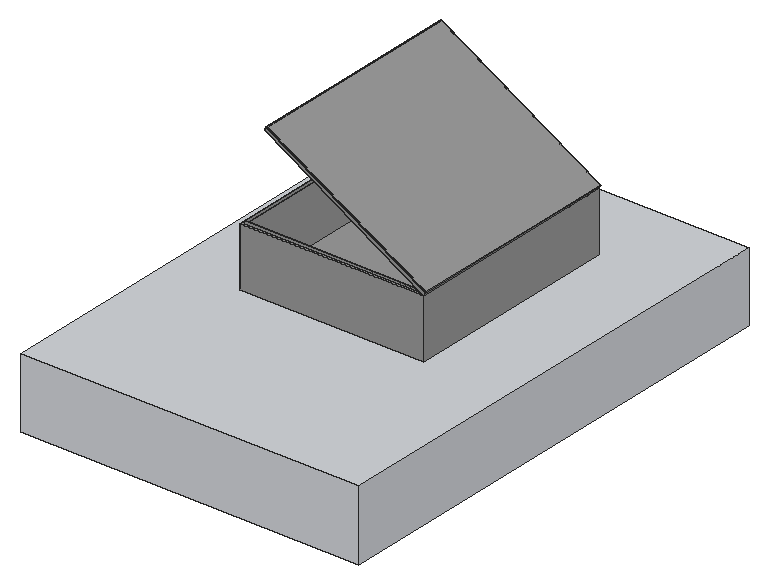
Revit family "Hager-Univers-IP55-D275-H950-Cl.I-Steel_encl-AT-de", category Equipement électrique, Revit 2020
Family settings
  Hôte = Face
  Configuration du panneau = Deux colonnes, circuits au sein
  Cote de connecteur circulaire = Utiliser le diamètre
  Type d'élément = Tableau de raccordement
  Couper avec des vides une fois chargée = Non
  Partagée = Non
  Point de calcul de pièce = Non
Parameters (values of type "Aufputz IP55 B800 H950 T275  - FR63E")
  Width Control [instance] = if([EF000008 - Breite] > Min Width, [EF000008 - Breite], Min Width)  # 800 mm
  Commentaires du type = [HG000003 - Bereich]  # "Univers"
  Thickness Door [instance] = if([EF009171 - Materialstärke Tür/Deckel] > 3 mm, 3 mm, [EF009171 - Materialstärke Tür/Deckel])  # 1.5 mm
  Seal Frame Offset [instance] = 17 mm  # constant formula
  Plinth Visibility [instance] = [HG000027 - Sockelhöhe] > 0 mm  # no
  Model = ""
  Min Width [instance] = 100 mm  # constant formula
  Min Height [instance] = 100 mm  # constant formula
  Min Depth [instance] = (2 * [EF009170 - Materialstärke Gehäuse]) + 1 mm  # 4 mm
  Internal Frame Depth [instance] = (Door System Depth * 0.5)  # 9 mm
  Height Control [instance] = if([EF000040 - Höhe] > Min Height, [EF000040 - Höhe], Min Height)  # 950 mm
  HG000027 - Sockelhöhe = 0 mm
  HG000026 - Stehend auf dem Boden = no
  HG000024 - Höhe des unteren Teils = 800 mm
  HG000023 - Gehäuse mit doppeltem Querschnitt = no
  HG000016 - 3D-Türsichtbarkeit [instance] = yes
  HG000015 - Sichtbarkeit der Türöffnung [instance] = no
  HG000014 - Tür rechts [instance] = yes
  HG000013 - Tür links [instance] = not([HG000014 - Tür rechts])  # no
  HG000012 - Türschwenkwinkel [instance] = 30.00°
  HG000010 - Asymmetrische Türen = no
  HG000009 - Doppelflügeligen Tür = no
  HG000006 - Unterputz = no
  HG000004 - Herstellerreferenz = "FR63E"
  HG000003 - Bereich = "Univers"
  HG000002 - Mit tür = yes
  Frame Offset Bottom [instance] = 10 mm  # constant formula
  Frame Offset [instance] = 15 mm  # constant formula
  EF015940 - Deckel mit Überdruckentlastung = no
  EF011959 - Schutzart (NEMA) = ""
  EF009554 - Anzahl der Öffnungen für Flanschplatten = 6
  Fabricant = "Hager"  # constant formula
  EF009212 - Ausführung Deckel = "EV000116 - geschlossen"
  EF009171 - Materialstärke Tür/Deckel = 1.5 mm
  EF009170 - Materialstärke Gehäuse = 1.5 mm
  EF008873 - Nennstrom (In) = 800 A
  EF007800 - Geeignet für Blitzschutz = no
  EF006306 - Mit Schloss = no
  EF006244 - Transparenter Deckel/Tür = no
  EF005474 - Schutzart (IP) = "EV006420 - IP55"
  EF004464 - Art der Tür = "EV002646 - Einzel"
  EF004427 - Anzahl der Module = 216
  EF004293 - Schlagfestigkeit = "EV008784 - IK10"
  EF003532 - Geeignet für Außengebrauch = no
  EF002950 - Breite in Teilungseinheiten = 24
  EF001613 - Funktionserhalt = "EV000494 - ohne"
  EF001596 - Werkstoff des Gehäuses = "EV000179 - Stahl"
  EF001131 - Innentiefe = 275 mm
  EF001088 - Anbaumöglichkeit = yes
  EF000437 - Anzahl der Leitungseinführungen = 6
  EF000339 - Art der Abdeckung = "EV004216 - Tür"
  EF000266 - Anzahl der Reihen = 6
  EF000218 - Einbautiefe = 0 mm
  EF000118 - Mit Montageplatte = no
  EF000116 - RAL-Nummer = "7035"
  EF000049 - Tiefe = 275 mm
  EF000040 - Höhe = 950 mm
  EF000008 - Breite = 800 mm
  EF000007 - Farbe = "EV000270 - grau"
  EF000003 - Montageart = "EV000384 - Aufputz"
  Door System Leaf Tolerance [instance] = 1.5 mm  # constant formula
  Door System Depth [instance] = 18 mm  # constant formula
  Door Height [instance] = Height Control - [HG000027 - Sockelhöhe]  # 950 mm
  Depth Control [instance] = if([EF000049 - Tiefe] > Min Depth, [EF000049 - Tiefe], Min Depth)  # 275 mm
  Default Elevation = 0 mm
  Connector Offset [instance] = Height Control / 2  # 475 mm
  Bottom Top Plate Trim [instance] = 1.5 mm  # constant formula
  Plinth height Ctrl [instance] = if([HG000027 - Sockelhöhe] > 0 mm, [HG000027 - Sockelhöhe], 12 mm)  # 12 mm
Types (5, lengths in mm): name | Width Control | HG000010 - Asymmetrische Türen | HG000009 - Doppelflügeligen Tür | HG000004 - Herstellerreferenz | EF009554 - Anzahl der Öffnungen für Flanschplatten | EF004464 - Art der Tür | EF004427 - Anzahl der Module | EF000437 - Anzahl der Leitungseinführungen | EF000008 - Breite
  Aufputz IP55 B1050 H950 T275  - FR64E | 1050 | no | yes | "FR64E" | 8 | "EV003602 - Doppel" | 288 | 8 | 1050
  Aufputz IP55 B1300 H950 T275  - FR65E | 1300 | yes | yes | "FR65E" | 10 | "EV003602 - Doppel" | 360 | 10 | 1300
  Aufputz IP55 B300 H950 T275  - FR61E | 300 | no | no | "FR61E" | 2 | "EV002646 - Einzel" | 72 | 2 | 300
  Aufputz IP55 B550 H950 T275  - FR62E | 550 | no | no | "FR62E" | 4 | "EV002646 - Einzel" | 144 | 4 | 550
  Aufputz IP55 B800 H950 T275  - FR63E | 800 | no | no | "FR63E" | 6 | "EV002646 - Einzel" | 216 | 6 | 800
Reference planes
  plane 1 "Center (Front/Back)": y = 0
  plane 2: z = 0
  plane 3 "Center (Left/Right)": x = 0
  plane 4: z = 275
  plane 5: y = 1.5
  plane 6: y = 475
  plane 7: y = 0
  plane 8: y = 950
  plane 9: z = 0
  plane 10: x = -385
  plane 11: x = 385
  plane 12: x = 383.5
  plane 13: x = -383.5
  plane 14: y = 948.5
  plane 15: x = -383
  plane 16: x = -400
  plane 17: x = 383
  plane 18: x = 400
  plane 19: x = 398.5
  plane 20: x = -398.5
  plane 21: y = 11.5
  plane 22: y = 950
  plane 23: y = 933.5
  plane 24: z = 257
  plane 25: z = 1.5
  plane 26: z = 255.5
  plane 27: z = 273.5
Forms (mm)
  Extrusion 1, solid
    sketch origin (0, 0, 0) x (1, 0, 0) y (0, 1, 0)
      loop
        line (-702.964, 1305) -> (-702.964, -811.445) -> (766.763, -811.445) -> (766.763, 1305) -> (-702.964, 1305)
    from 0 to -304.8
  Extrusion 2, solid, material "Hager_Steel_RAL7035_Light_Grey", visible <- "Plinth Visibility", detail levels medium+fine
    sketch origin (0, 0, 0) x (1, 0, 0) y (0, 1, 0)
      loop
        line (-400, 0) -> (400, 0) -> (400, 12) -> (-400, 12) -> (-400, 0)
    from 0 to 257
  Extrusion 3, solid, material "Hager_Steel_RAL7035_Light_Grey", detail levels medium+fine
    sketch origin (0, 0, 0) x (1, 0, 0) y (0, 1, 0)
      loop
        line (-400, 0) -> (400, 0) -> (400, 950) -> (-400, 950) -> (-400, 0)
    from 0 to 257
  Extrusion 4, void
    sketch origin (0, 0, 0) x (1, 0, 0) y (0, 1, 0)
      loop
        line (-398.5, 1.5) -> (398.5, 1.5) -> (398.5, 948.5) -> (-398.5, 948.5) -> (-398.5, 1.5)
    from 1.5 to 255.5
  Extrusion 5, void
    sketch origin (-381.607, -4572, 257) x (0, -1, 0) y (-1, 0, 0)
      loop
        line (-4583.5, 1.893) -> (-5505.5, 1.893) -> (-5505.5, -765.107) -> (-4583.5, -765.107) -> (-4583.5, 1.893)
    from 0 to 1.5 <- "EF009170 - Materialstärke Gehäuse"
  Extrusion 6, solid, material "Hager_Steel_RAL7035_Light_Grey", detail levels fine
    sketch origin (0, 0, 257) x (1, 0, 0) y (0, 1, 0)
      loop
        line (-383.5, 933.5) -> (-383.5, 11.5) -> (383.5, 11.5) -> (383.5, 933.5) -> (-383.5, 933.5)
      loop
        line (-385, 10) -> (385, 10) -> (385, 935) -> (-385, 935) -> (-385, 10)
    from 0 to 9 <- "Internal Frame Depth"
  Extrusion 7, solid, material "Hager_Steel_RAL7035_Light_Grey", detail levels coarse
    sketch origin (0, 0, 0) x (1, 0, 0) y (0, 1, 0)
      loop
        line (-400, 0) -> (400, 0) -> (400, 950) -> (-400, 950) -> (-400, 0)
    from 0 to 275
  Sweep 8, void
    path in 3D
      loop
        line (-400, 12, 0) -> (400, 12, 0) -> (400, 12, 257) -> (-400, 12, 257) -> (-400, 12, 0)
    profile origin (-400, 12, 128.5) x (-1, 0, 0) y (0, -1, 0)
      loop
        line (0, 0) -> (0, 1.5) -> (-1.5, 1.5)
        arc (-1.5, 1.5) -> (-1.061, 0.439) -> (0, 0) r 1.5
Cuts and joins
  Extrusion 4, Extrusion 5 cuts Extrusion 3
  Sweep 8 cuts Extrusion 2
Lines and regions (mm)
  Masking region 1
    outline origin (0, 0, 0) x (1, 0, 0) y (0, 0, 1)
      loop
        line (-400, 275) -> (-400, 0) -> (400, 0) -> (400, 275) -> (-400, 275)
  Masking region 2, detail levels medium+fine
    outline origin (0, 140, 0) x (0, 1, 0) y (0, 0, 1)
      loop
        line (-140, 0) -> (810, 0) -> (810, 257) -> (-140, 257) -> (-140, 0)
  Masking region 3, not visible, detail levels medium+fine
    outline origin (0, 297.922, 0) x (0, 1, 0) y (0, 0, 1)
      loop
        line (188.578, 0) -> (228.578, 0) -> (228.578, 263.5)
        arc (228.578, 263.5) -> (225.649, 270.571) -> (218.578, 273.5) r 10
        line (218.578, 273.5) -> (188.578, 273.5) -> (188.578, 0)
  Masking region 4, detail levels coarse
    outline origin (0, 0, 180) x (0, 1, 0) y (0, 0, 1)
      loop
        line (0, -180) -> (950, -180) -> (950, 95) -> (0, 95) -> (0, -180)
  Masking region 5, visible <- "Plinth Visibility", detail levels medium+fine
    outline origin (0, 52.24, 12.345) x (0, 0, -1) y (0, 1, 0)
      loop
        line (10.845, -40.24) -> (-243.155, -40.24)
        arc (-243.155, -40.24) -> (-243.594, -41.301) -> (-244.655, -41.74) r 1.5
        line (-244.655, -41.74) -> (-244.655, -52.24) -> (12.345, -52.24) -> (12.345, -41.74)
        arc (12.345, -41.74) -> (11.285, -41.301) -> (10.845, -40.24) r 1.5
  Masking region 6, detail levels medium+fine
    outline origin (-381.607, -4572, 257) x (-1, 0, 0) y (0, -1, 0)
      loop
        line (18.393, -5522) -> (18.393, -4572) -> (-781.607, -4572) -> (-781.607, -5522) -> (18.393, -5522)
  Masking region 7, visible <- "Plinth Visibility", detail levels medium+fine
    outline origin (-381.607, -4727, 257) x (-1, 0, 0) y (0, -1, 0)
      loop
        arc (16.893, -4739) -> (17.332, -4737.939) -> (18.393, -4737.5) r 1.5
        line (18.393, -4737.5) -> (18.393, -4727) -> (-781.607, -4727) -> (-781.607, -4737.5)
        arc (-781.607, -4737.5) -> (-780.546, -4737.939) -> (-780.107, -4739) r 1.5
        line (-780.107, -4739) -> (16.893, -4739)
  Masking region 8, detail levels coarse
    outline origin (-442.548, -4669.526, 257) x (-1, 0, 0) y (0, -1, 0)
      loop
        line (-42.548, -5619.526) -> (-42.548, -4669.526) -> (-842.548, -4669.526) -> (-842.548, -5619.526) -> (-42.548, -5619.526)
  sketch lines
    curve 1: line (-400, 12, 257) -> (-400, 12, 0)
    curve 2: line (400, 12, 257) -> (-400, 12, 257)
    curve 3: line (400, 12, 257) -> (400, 12, 0)
    curve 4: line (-400, 12, 0) -> (400, 12, 0)
Dimensions and locks
  "Depth Control": plane 4 to Extrusion 1
  "HG000027 - Sockelhöhe": plane 1 "Center (Front/Back)" to plane 7
  "EF009170 - Materialstärke Gehäuse": plane 5 to plane 7
  locked: connector elem to plane 3 "Center (Left/Right)"
  equal spacing: plane 8, plane 6, plane 7
  locked: connector elem to plane 6
  "EF009170 - Materialstärke Gehäuse": plane 8 to plane 14
  "EF009170 - Materialstärke Gehäuse": plane 10 to plane 13
  "EF009170 - Materialstärke Gehäuse": plane 12 to plane 11
  "Frame Offset": plane 20 to plane 13
  "Frame Offset": plane 12 to plane 19
  "EF009170 - Materialstärke Gehäuse": plane 16 to plane 20
  "EF009170 - Materialstärke Gehäuse": plane 19 to plane 18
  "Seal Frame Offset": plane 16 to plane 15
  "Seal Frame Offset": plane 17 to plane 18
  "Frame Offset Bottom": plane 21 to plane 5
  "Frame Offset": plane 14 to plane 23
  equal spacing: plane 16, plane 3 "Center (Left/Right)", plane 18
  "Width Control": plane 16 to plane 18
  "EF009170 - Materialstärke Gehäuse": plane 4 to plane 27
  "EF009170 - Materialstärke Gehäuse": plane 24 to plane 26
  "EF009170 - Materialstärke Gehäuse": plane 25 to level
  "Door System Depth": plane 4 to plane 24
  "Height Control": plane 1 "Center (Front/Back)" to Extrusion 7 sketch curve
  "Height Control": Masking region 4 sketch curve to plane 1 "Center (Front/Back)"
  "Height Control": plane 1 "Center (Front/Back)" to plane 22
  "Bottom Top Plate Trim": profile plane to Sweep 8 sketch curve
  "Bottom Top Plate Trim": Sweep 8 sketch curve to profile plane
  "Plinth height Ctrl": plane 1 "Center (Front/Back)" to Extrusion 2 sketch curve
  "Plinth height Ctrl": Masking region 5 sketch curve to plane 1 "Center (Front/Back)"
  "Plinth height Ctrl": plane 1 "Center (Front/Back)" to Masking region 7 sketch curve
  "Thickness Door": Extrusion 6 sketch curve to Extrusion 6 sketch curve  (x3)
  "Thickness Door": cut or joined group of Extrusion 3, Extrusion 4, Extrusion 5 to Extrusion 6 sketch curve
  radius of Masking region 3 sketch curve = 10 mm
  "Bottom Top Plate Trim": radius of Masking region 5 sketch curve  (x2)
  "Bottom Top Plate Trim": radius of Sweep 8 sketch curve
  "Bottom Top Plate Trim": radius of Masking region 7 sketch curve  (x2)
  aligned and locked: plane 2 to Extrusion 1
  aligned and locked: level to Extrusion 1
  aligned and locked: level to Masking region 1 sketch curve
  aligned and locked: Masking region 1 sketch curve to plane 18
  aligned and locked: Masking region 1 sketch curve to plane 16
  aligned and locked: plane 7 to Masking region 2 sketch curve
  aligned and locked: level to Masking region 3 sketch curve
  aligned and locked: Masking region 3 sketch curve to plane 27
  aligned and locked: level to Masking region 2 sketch curve
  aligned and locked: plane 1 "Center (Front/Back)" to Extrusion 2 sketch curve
  aligned and locked: Extrusion 3 sketch curve to plane 7
  aligned and locked: plane 16 to Extrusion 3 sketch curve
  aligned and locked: plane 18 to Extrusion 3 sketch curve
  aligned and locked: plane 20 to Extrusion 4 sketch curve
  aligned and locked: plane 19 to Extrusion 4 sketch curve
  aligned and locked: Extrusion 4 sketch curve to plane 5
  aligned and locked: Extrusion 4 to plane 25
  aligned and locked: plane 26 to Extrusion 4
  aligned and locked: plane 24 to Extrusion 3
  aligned and locked: Extrusion 5 sketch curve to plane 21
  aligned and locked: Extrusion 5 sketch curve to plane 13
  aligned and locked: Extrusion 5 sketch curve to plane 12
  aligned and locked: plane 18 to Extrusion 7 sketch curve
  aligned and locked: plane 1 "Center (Front/Back)" to Extrusion 7 sketch curve
  aligned and locked: plane 16 to Extrusion 7 sketch curve
  aligned and locked: plane 4 to Extrusion 7
  aligned and locked: Extrusion 7 to level
  aligned and locked: level to Masking region 4 sketch curve
  aligned and locked: Masking region 4 sketch curve to plane 1 "Center (Front/Back)"
  aligned and locked: Masking region 4 sketch curve to plane 4
  aligned and locked: nested 1 to level
  aligned and locked: nested 1 to plane 16
  aligned and locked: plane 8 to Extrusion 3 sketch curve
  aligned and locked: plane 23 to Extrusion 5 sketch curve
  aligned and locked: plane 14 to Extrusion 4 sketch curve
  aligned and locked: Masking region 2 sketch curve to plane 8
  aligned and locked: level to Masking region 5 sketch curve
  aligned and locked: plane 16 to Extrusion 2 sketch curve
  aligned and locked: plane 18 to Extrusion 2 sketch curve
  aligned and locked: Masking region 5 sketch curve to plane 24
  aligned and locked: Masking region 2 sketch curve to plane 24
  aligned and locked: plane 24 to Extrusion 2
  aligned and locked: profile plane to Sweep 8 sketch curve  (x2)
  aligned and locked: Masking region 6 sketch curve to plane 18
  aligned and locked: Masking region 6 sketch curve to plane 22
  aligned and locked: Masking region 6 sketch curve to plane 16
  aligned and locked: plane 8 to plane 22
  aligned and locked: Masking region 6 sketch curve to plane 7
  aligned and locked: Masking region 7 sketch curve to plane 16
  aligned and locked: Masking region 7 sketch curve to plane 1 "Center (Front/Back)"
  aligned and locked: Masking region 7 sketch curve to plane 18
  aligned and locked: Masking region 8 sketch curve to plane 1 "Center (Front/Back)"
  aligned and locked: Masking region 8 sketch curve to plane 18
  aligned and locked: Masking region 8 sketch curve to plane 22
  aligned and locked: Masking region 8 sketch curve to plane 16
  aligned and locked: nested 2 to plane 7
  aligned and locked: plane 3 "Center (Left/Right)" to nested 2
  aligned and locked: nested 2 to plane 24
  aligned and locked: Extrusion 6 sketch curve to cut or joined group of Extrusion 3, Extrusion 4, Extrusion 5  (x4)
Automatic sketch dimensions
  Extrusion 1 sketch curve to Extrusion 1 sketch curve = 1469.727 mm
  Extrusion 1 sketch curve to Extrusion 1 sketch curve = 2116.445 mm
  Masking region 1 sketch curve to plane 4 = 0 mm
  plane 6 to Masking region 3 sketch curve = 11.5 mm
  Masking region 3 sketch curve to Masking region 3 sketch curve = 30 mm
  Masking region 5 sketch curve to plane 1 "Center (Front/Back)" = 0 mm
Nested families
  nested 1: "Hager_Enclosure_Symbol" at (-400, 0, 0) x (1, 0, 0) z (0, -1, 0), Height <- "Depth Control", Width <- "Width Control", type "Hager_Enclosure_Symbol"
    with Width_Ctrl 800 mm, Width 800 mm, Height_Ctrl 275 mm, Height 275 mm, A_Width_Int 18.047 mm, A_Width 216.562 mm, A_Height_Ctrl 240.625 mm, A_Height 240.625 mm
  nested 2: "EC000058_Univers_Door" at (0, 0, 257) x (1, 0, 0) z (0, 1, 0), Leaf_Tolerance <- "Door System Leaf Tolerance", Angle <- "HG000012 - Türschwenkwinkel", Door_Depth <- "Door System Depth", Door_Left <- "HG000013 - Tür links", Transparent <- "EF006244 - Transparenter Deckel/Tür", Assymetrical <- "HG000010 - Asymmetrische Türen", Width <- "Width Control", Clearance <- "HG000015 - Sichtbarkeit der Türöffnung", Double <- "HG000009 - Doppelflügeligen Tür", 3d_Door <- "HG000016 - 3D-Türsichtbarkeit", Lock_Visibility <- "EF006306 - Mit Schloss", Width_Ctrl <- "Width Control", Door_Right <- "HG000014 - Tür rechts", Door <- "HG000002 - Mit tür", Height <- "Door Height", Thickness <- "Thickness Door", type "EC000058_Univers_Door", detail levels medium+fine
    with min_wh 4 mm, Width_Ctrl 800 mm, Width 800 mm, Transparent no, Thickness 1.5 mm, Seal_Material Hager_Rubber, Lock_Visibility no, Lock_Material Hager_Plastic_RAL9005_Jet_Black, Leaf_Width 800 mm, Leaf_Tolerance_External_Sides 0 mm, Leaf_Tolerance 1.5 mm, Leaf_Offset 0 mm, Leaf_Height 947 mm, Leaf_2_Width 800 mm, Leaf_2_Offset 400 mm, Leaf_1_Width 800 mm, Leaf_1_Offset 400 mm, Height_Ctrl 950 mm, Height 950 mm, Glass_Material Hager_Glass, Double_Clearance_Ctrl no, Double no, Door_Right_Ctrl yes, Door_Right yes, Door_Material Hager_Steel_RAL7035_Light_Grey, Door_Left_Ctrl no, Door_Left no, Door_Depth 18 mm, Door yes, Clearance_Material Hager_Clearance, Clearance_Depth 800 mm, Clearance_Ctrl no, Clearance no, Assymetrical no, Angle 30.00°, 3d_Door yes
Connectors
  electrical at (0, 475, 0)
    settings: on plane 9, index 1, voltage 0 V, apparent load 0 VA, apparent load phase1 0 VA, apparent load phase2 0 VA, apparent load phase3 0 VA, power factor 1, load classification "Other", number of poles 1, system type 30, power factor state 1, is connector primary yes, connector utility no, sub classification motor no, connector description ""
Definition of nested family "EC000058_Univers_Door"
  Parameters (values of type "EC000058_Univers_Door")
    min_wh [instance] = (2 * Thickness) + 1 mm  # 11 mm
    Width_Ctrl [instance] = 400 mm
    Width [instance] = 500 mm
    Transparent [instance] = yes
    Thickness [instance] = 5 mm
    Seal_Material [instance] = none
    Lock_Visibility [instance] = yes
    Lock_Material [instance] = none
    Leaf_Width [instance] = if((Width_Ctrl - 2 * Leaf_Tolerance_External_Sides) > 0 mm, (Width_Ctrl - 2 * Leaf_Tolerance_External_Sides), min_wh)  # 400 mm
    Leaf_Tolerance_External_Sides [instance] = 0 mm  # constant formula
    Leaf_Tolerance [instance] = 1.5 mm
    Leaf_Offset [instance] = 0 mm  # constant formula
    Leaf_Height [instance] = if((Height_Ctrl - 2 * Leaf_Tolerance) > 0 mm, (Height_Ctrl - 2 * Leaf_Tolerance), min_wh)  # 497 mm
    Leaf_2_Width [instance] = if(and(and(Double, Assymetrical), Door_Left), (Leaf_Width / 3) - (Leaf_Tolerance / 2), if(and(and(Double, Assymetrical), Door_Right), (Leaf_Width / 3) * 2 - (Leaf_Tolerance / 2), if(and(Double, not(Assymetrical)), (Leaf_Width / 2) - Leaf_Tolerance, Leaf_Width)))  # 400 mm
    Leaf_2_Offset [instance] = if(and(Double, Assymetrical), Leaf_2_Width / 2, if(and(Double, not(Assymetrical)), Leaf_Width / 4, Leaf_Width / 2))  # 200 mm
    Leaf_1_Width [instance] = if(and(and(Double, Assymetrical), Door_Right), (Leaf_Width / 3) - (Leaf_Tolerance / 2), if(and(and(Double, Assymetrical), Door_Left), (Width / 3) * 2 - (Leaf_Tolerance / 2), if(and(Double, not(Assymetrical)), (Leaf_Width / 2) - Leaf_Tolerance, Leaf_Width)))  # 400 mm
    Leaf_1_Offset [instance] = if(and(Double, Assymetrical), Leaf_1_Width / 2, if(and(Double, not(Assymetrical)), Leaf_Width / 4, Leaf_Width / 2))  # 200 mm
    Height_Ctrl [instance] = if(Height > min_wh, Height, min_wh)  # 500 mm
    Height [instance] = 500 mm
    Glass_Material [instance] = none
    Double_Clearance_Ctrl [instance] = and(Double, Clearance)  # no
    Double [instance] = no
    Door_Right_Ctrl [instance] = and(or(Door_Right, Double), Door)  # yes
    Door_Right [instance] = yes
    Door_Material [instance] = none
    Door_Left_Ctrl [instance] = and(or(Door_Left, Double), Door)  # no
    Door_Left [instance] = no
    Door_Depth [instance] = 30 mm
    Door [instance] = yes
    Default Elevation = 1219.2 mm
    Clearance_Material [instance] = none
    Clearance_Depth [instance] = if(Leaf_1_Width > Leaf_2_Width, Leaf_1_Width, Leaf_2_Width)  # 400 mm
    Clearance_Ctrl [instance] = and(not(Double), Clearance)  # yes
    Clearance [instance] = yes
    Assymetrical [instance] = yes
    Angle [instance] = 30.00°
    3d_Door [instance] = yes
  Reference planes
    plane 1 "Center (Front/Back)": y = 0
    plane 2 "Bottom": z = 0
    plane 3 "Center (Left/Right)": x = 0
    plane 4: z = 500
    plane 5: x = -200
    plane 6: x = 200
    plane 7: z = 500
    plane 8: x = -200
    plane 9: z = 0
    plane 10: x = 200
    plane 11: y = 0
    plane 12: z = 1.5
    plane 13: x = -600
    plane 14: y = -400
    plane 15: x = 600
    plane 16: x = 0
    plane 17: x = 0
    plane 18: x = -200
    plane 19: x = 200
    plane 20: z = 498.5
  Forms (mm)
    Extrusion 1, solid, material <- "Clearance_Material", visible <- "Double_Clearance_Ctrl"
      sketch origin (1200, 0, 0) x (1, 0, 0) y (0, 0, -1)
        loop
          line (-1800, -498.5) -> (-600, -498.5) -> (-600, 0) -> (-1800, 0) -> (-1800, -498.5)
      from 0 to -400
  Dimensions and locks
    equal spacing: plane 5, plane 3 "Center (Left/Right)", plane 6
    "Width_Ctrl": plane 5 to plane 6
    "Leaf_Offset": plane 5 to plane 8
    "Leaf_Offset": plane 6 to plane 10
    "Leaf_Offset": plane 9 to level
    "Leaf_Offset": plane 4 to plane 7
    "Height_Ctrl": plane 4 to level
    "Leaf_Tolerance": plane 12 to plane 9
    locked: plane 11 to plane 1 "Center (Front/Back)"
    "Leaf_1_Offset": plane 18 to plane 16
    "Leaf_2_Offset": plane 17 to plane 19
    "Leaf_1_Width": plane 13 to plane 8
    "Leaf_2_Width": plane 10 to plane 15
    "Clearance_Depth": plane 14 to plane 1 "Center (Front/Back)"
    "Leaf_Tolerance_External_Sides": plane 8 to plane 18
    "Leaf_Tolerance_External_Sides": plane 19 to plane 10
    "Leaf_Tolerance": plane 7 to plane 20
    aligned and locked: level to plane 2 "Bottom"
    aligned and locked: nested 1 to plane 16
    aligned and locked: nested 2 to plane 17
    aligned and locked: Extrusion 1 to plane 13
    aligned and locked: plane 15 to Extrusion 1
    aligned and locked: Extrusion 1 to plane 14
    aligned and locked: plane 12 to nested 1
    aligned and locked: nested 2 to plane 12
    aligned and locked: Extrusion 1 to plane 11
    aligned and locked: plane 20 to Extrusion 1
    aligned and locked: nested 2 to plane 11
    aligned and locked: nested 1 to plane 11
  Automatic sketch dimensions
    Extrusion 1 sketch curve to level = 0 mm
    plane 5 to Extrusion 1 sketch curve = 400 mm
    plane 6 to Extrusion 1 sketch curve = 400 mm
    Extrusion 1 sketch curve to plane 4 = 1.5 mm
  Nested families
    nested 1: "EC000058_Univers_Door_Leaf" at (0, 0, 1.5), Width <- "Leaf_1_Width", visible <- "Door_Left_Ctrl", Leaf_Height <- "Leaf_Height", Angle <- "Angle", 3d_Door <- "3d_Door", Transparent <- "Transparent", Clearance Material <- "Clearance_Material", Clearance <- "Clearance_Ctrl", Door_Material <- "Door_Material", Glass_Material <- "Glass_Material", Door_Depth <- "Door_Depth", Lock_Material <- "Lock_Material", Seal_Material <- "Seal_Material", Lock_Visibility <- "Lock_Visibility", Thickness <- "Thickness", type "EC000058_Univers_Door_Leaf"
      with Width 400 mm, Transparent_Glass_Offset 30 mm, Transparent_Ctrl yes, Transparent yes, Thickness 5 mm, Standard no, Seal_Material none, Seal_D2 8 mm, Seal_D1 1 mm, Offset_Internal_Frame 10 mm, Lock_Width 20 mm, Lock_Visibility_3d yes, Lock_Visibility yes, Lock_Thickness_3 3 mm, Lock_Thickness_2 1 mm, Lock_Thickness_1 3 mm, Lock_Radius_Offset_2 16 mm, Lock_Radius_Offset_1 15 mm, Lock_Radius_2 5 mm, Lock_Radius 6 mm, Lock_Offset 5 mm, Lock_Material none, Lock_Height 80 mm, Lock_Cover_Top_Offset_2d 17 mm, Lock_Cover_Height -65 mm, Leaf_Height 497 mm, Internal_Seal_Thickness 8 mm, Internal_Seal_Depth_2 4.5 mm, Internal_Frame_Depth 25 mm, Glass_Thickness -1 mm, Glass_Offset -2 mm, Glass_Material none, Door_Material none, Door_Depth 30 mm, Clearance Material none, Clearance yes, Angle_Ctrl 30.00°, Angle 30.00°, 3d_Door yes
    nested 2: "EC000058_Univers_Door_Leaf" at (0, 0, 1.5) x (-1, 0, 0) z (0, 0, 1), Width <- "Leaf_2_Width", visible <- "Door_Right_Ctrl", Leaf_Height <- "Leaf_Height", Angle <- "Angle", 3d_Door <- "3d_Door", Transparent <- "Transparent", Clearance Material <- "Clearance_Material", Clearance <- "Clearance_Ctrl", Door_Material <- "Door_Material", Glass_Material <- "Glass_Material", Door_Depth <- "Door_Depth", Lock_Material <- "Lock_Material", Seal_Material <- "Seal_Material", Lock_Visibility <- "Lock_Visibility", Thickness <- "Thickness", type "EC000058_Univers_Door_Leaf"
      with Width 400 mm, Transparent_Glass_Offset 30 mm, Transparent_Ctrl yes, Transparent yes, Thickness 5 mm, Standard no, Seal_Material none, Seal_D2 8 mm, Seal_D1 1 mm, Offset_Internal_Frame 10 mm, Lock_Width 20 mm, Lock_Visibility_3d yes, Lock_Visibility yes, Lock_Thickness_3 3 mm, Lock_Thickness_2 1 mm, Lock_Thickness_1 3 mm, Lock_Radius_Offset_2 16 mm, Lock_Radius_Offset_1 15 mm, Lock_Radius_2 5 mm, Lock_Radius 6 mm, Lock_Offset 5 mm, Lock_Material none, Lock_Height 80 mm, Lock_Cover_Top_Offset_2d 17 mm, Lock_Cover_Height -65 mm, Leaf_Height 497 mm, Internal_Seal_Thickness 8 mm, Internal_Seal_Depth_2 4.5 mm, Internal_Frame_Depth 25 mm, Glass_Thickness -1 mm, Glass_Offset -2 mm, Glass_Material none, Door_Material none, Door_Depth 30 mm, Clearance Material none, Clearance yes, Angle_Ctrl 30.00°, Angle 30.00°, 3d_Door yes
  Definition of nested family "EC000058_Univers_Door_Leaf"
    Parameters (values of type "EC000058_Univers_Door_Leaf")
      Width [instance] = 2000 mm
      Transparent_Glass_Offset [instance] = 30 mm
      Transparent_Ctrl [instance] = and(Transparent, [3d_Door])  # yes
      Transparent [instance] = yes
      Thickness [instance] = 5 mm
      Standard [instance] = and(not(Transparent), [3d_Door])  # no
      Seal_Material [instance] = none
      Seal_D2 [instance] = 8 mm  # constant formula
      Seal_D1 [instance] = 1 mm  # constant formula
      Offset_Internal_Frame [instance] = 10 mm  # constant formula
      Lock_Width [instance] = 20 mm  # constant formula
      Lock_Visibility_3d [instance] = and(Lock_Visibility, [3d_Door])  # yes
      Lock_Visibility [instance] = yes
      Lock_Thickness_3 [instance] = 3 mm  # constant formula
      Lock_Thickness_2 [instance] = 1 mm  # constant formula
      Lock_Thickness_1 [instance] = 3 mm  # constant formula
      Lock_Radius_Offset_2 [instance] = Lock_Radius_Offset_1 + 1 mm  # 16 mm
      Lock_Radius_Offset_1 [instance] = 15 mm  # constant formula
      Lock_Radius_2 [instance] = Lock_Radius - 1 mm  # 5 mm
      Lock_Radius [instance] = 6 mm  # constant formula
      Lock_Offset [instance] = 5 mm  # constant formula
      Lock_Material [instance] = none
      Lock_Height [instance] = 80 mm  # constant formula
      Lock_Cover_Top_Offset_2d [instance] = Lock_Radius_Offset_2 + 1 mm  # 17 mm
      Lock_Cover_Height [instance] = -(Lock_Height - Lock_Radius_Offset_1)  # -65 mm
      Leaf_Height [instance] = 2720.336 mm
      Internal_Seal_Thickness [instance] = 8 mm  # constant formula
      Internal_Seal_Depth_2 [instance] = 4.5 mm  # constant formula
      Internal_Frame_Depth [instance] = if(Door_Depth - Thickness > 5 mm, Door_Depth - Thickness, 5 mm)  # 25 mm
      Glass_Thickness [instance] = if(Thickness > 15 mm, Glass_Offset + 10 mm, -1 mm)  # -1 mm
      Glass_Offset [instance] = if(Thickness > 15 mm, -(Thickness + 10 mm) / 2, -2 mm)  # -2 mm
      Glass_Material [instance] = none
      Door_Material [instance] = none
      Door_Depth [instance] = 30 mm
      Default Elevation = 0 mm
      Clearance Material [instance] = none
      Clearance [instance] = yes
      Angle_Ctrl [instance] = if(Angle > 180.00°, 180.00°, Angle)  # 90.00°
      Angle [instance] = 90.00°
      3d_Door [instance] = yes
    Reference planes
      plane 1 "Center (Front/Back)": y = 0
      plane 2: z = 0
      plane 3 "Center (Left/Right)": x = 0
      plane 4: y = 2000
      plane 5: x = -1000
      plane 6: x = 1000
      plane 7: x = -3000
      plane 8: z = 2720.336
      plane 9: z = 30
      plane 10: z = 2690.336
      plane 11: x = 970
      plane 12: x = -970
      plane 13: y = -3
      plane 14: z = 107.833
      plane 15: y = -5
      plane 16: y = -223.314
      plane 17: x = -1000
      plane 18: z = 1360.168
      plane 19: y = 30
    Forms (mm)
      Extrusion 1, solid, material <- "Clearance Material", visible <- "Clearance"
        sketch origin (0, 0, 0) x (1, 0, 0) y (0, 0, 1)
          loop
            line (-3000, 2720.336) -> (-3000, 0) -> (1000, 0) -> (1000, 2720.336) -> (-3000, 2720.336)
        from 0 to -2000
      Extrusion 2, solid, material <- "Door_Material", visible <- "Standard", detail levels medium+fine
        sketch origin (-1000, 0, 0) x (0, 1, 0) y (-1, 0, 0)
          loop
            line (0, 30) -> (0, 25) -> (2000, 25) -> (2000, 30) -> (0, 30)
        from 0 to 2720.336 <- "Leaf_Height"
      Extrusion 3, solid, material <- "Door_Material", visible <- "Transparent_Ctrl", detail levels medium+fine
        sketch origin (-1000, 0, 0) x (0, 1, 0) y (-1, 0, 0)
          loop
            line (0, 25) -> (2000, 25) -> (2000, 30) -> (0, 30) -> (0, 25)
        from 0 to 2720.336 <- "Leaf_Height"
      Extrusion 4, void
        sketch origin (-1025, 2000, 0) x (0, 1, 0) y (0, 0, -1)
          loop
            line (-30, -2690.336) -> (-30, -30) -> (-1970, -30) -> (-1970, -2690.336) -> (-30, -2690.336)
        from 0 to 5 <- "Thickness"
      Sweep 5, solid, material <- "Seal_Material", visible <- "Transparent_Ctrl", detail levels fine
        path in 3D
          loop
            line (-1025, 30, 30) -> (-1025, 30, 2690.336) -> (-1025, 1970, 2690.336) -> (-1025, 1970, 30) -> (-1025, 30, 30)
        profile origin (-1025, 1000, 30) x (1, 0, 0) y (0, 0, 1)
          loop
            line (0, 0) -> (0, -8) -> (1, -8) -> (1, 0) -> (0, 0)
      Extrusion 6, solid, material <- "Glass_Material", visible <- "Transparent_Ctrl", detail levels medium+fine
        sketch origin (-1030, 0, 0) x (0, 1, 0) y (0, 0, -1)
          loop
            line (1970, -2690.336) -> (1970, -30) -> (30, -30) -> (30, -2690.336) -> (1970, -2690.336)
        from -2 <- "Glass_Offset" to -1 <- "Glass_Thickness"
      Extrusion 7, solid, material <- "Door_Material", visible <- "3d_Door", detail levels medium+fine
        sketch origin (-1025, 2000, 0) x (0, -1, 0) y (0, 0, -1)
          loop
            line (0, -2720.336) -> (2000, -2720.336) -> (2000, 0) -> (0, 0) -> (0, -2720.336)
          loop
            line (1995, -5) -> (5, -5) -> (5, -2715.336) -> (1995, -2715.336) -> (1995, -5)
        from 0 to 25 <- "Internal_Frame_Depth"
      Sweep 8, solid, material <- "Seal_Material", visible <- "Transparent_Ctrl", detail levels fine
        path in 3D
          loop
            line (-1025, 0, 0) -> (-1025, 2000, 0) -> (-1025, 2000, 2720.336) -> (-1025, 0, 2720.336) -> (-1025, 0, 0)
        profile origin (-1025, 0, 1360.168) x (1, 0, 0) y (0, 1, 0)
          loop
            line (0, 10) -> (2.975, 10)
            arc (2.975, 10) -> (4.053, 10.447) -> (4.5, 11.525) r 1.525
            line (4.5, 11.525) -> (4.5, 16.527)
            arc (4.5, 16.527) -> (4.069, 17.569) -> (3.027, 18) r 1.473
            line (3.027, 18) -> (0, 18) -> (0, 10)
      Extrusion 9, solid, material <- "Lock_Material", visible <- "Lock_Visibility_3d", detail levels fine
        sketch origin (-1030, 0, 0) x (0, 1, 0) y (0, 0, -1)
          loop
            arc (1993.5, -1400.168) -> (1994.561, -1399.729) -> (1995, -1398.668) r 1.5
            line (1995, -1398.668) -> (1995, -1320.168) -> (1975, -1320.168) -> (1975, -1398.668)
            arc (1975, -1398.668) -> (1975.439, -1399.729) -> (1976.5, -1400.168) r 1.5
            line (1976.5, -1400.168) -> (1993.5, -1400.168)
        from 3 <- "Lock_Thickness_1" to 0
      Blend 10, solid, material <- "Lock_Material", visible <- "Lock_Visibility_3d", detail levels fine
        base sketch origin (-1033, 0, 0) x (0, 1, 0) y (0, 0, -1)
          loop
            line (1975, -1320.168) -> (1975, -1398.668)
            arc (1975, -1398.668) -> (1975.439, -1399.729) -> (1976.5, -1400.168) r 1.5
            line (1976.5, -1400.168) -> (1993.5, -1400.168)
            arc (1993.5, -1400.168) -> (1994.561, -1399.729) -> (1995, -1398.668) r 1.5
            line (1995, -1398.668) -> (1995, -1320.168) -> (1975, -1320.168)
        top sketch origin (-1033, 0, 0) x (0, 1, 0) y (0, 0, -1)
          loop
            line (1976, -1320.168) -> (1976, -1398.668)
            arc (1976, -1398.668) -> (1976.146, -1399.022) -> (1976.5, -1399.168) r 0.5
            line (1976.5, -1399.168) -> (1993.5, -1399.168)
            arc (1993.5, -1399.168) -> (1993.854, -1399.022) -> (1994, -1398.668) r 0.5
            line (1994, -1398.668) -> (1994, -1320.168) -> (1976, -1320.168)
        from 0 to 1 <- "Lock_Thickness_2"
      Blend 11, solid, material <- "Lock_Material", visible <- "Lock_Visibility_3d", detail levels fine
        base sketch origin (-1034, 0, 0) x (0, 1, 0) y (0, 0, -1)
          loop
            line (1978, -1320.168) -> (1978, -1384.168)
            arc (1978, -1384.168) -> (1985, -1391.168) -> (1992, -1384.168) r 7
            line (1992, -1384.168) -> (1992, -1320.168) -> (1978, -1320.168)
        top sketch origin (-1034, 0, 0) x (0, 1, 0) y (0, 0, -1)
          loop
            line (1991, -1320.168) -> (1979, -1320.168) -> (1979, -1383.168)
            arc (1979, -1383.168) -> (1985, -1389.168) -> (1991, -1383.168) r 6
            line (1991, -1383.168) -> (1991, -1320.168)
        from 0 to 3 <- "Lock_Thickness_3"
      Extrusion 12, solid, material <- "Lock_Material", visible <- "Lock_Visibility_3d", detail levels fine
        sketch origin (-1030, 1975, 1320.168) x (1, 0, 0) y (0, -1, 0)
          loop
            line (-7, -19) -> (-7, -1) -> (0, -1) -> (0, 0) -> (-8, 0) -> (-8, -20) -> (0, -20) -> (0, -19) -> (-7, -19)
        from 0 to -65 <- "Lock_Cover_Height"
      Extrusion 13, void
        sketch origin (-1038, 1995, 1320.168) x (-1, 0, 0) y (0, 0, -1)
          loop
            line (-5, -65) -> (0, -65) -> (-5, -60) -> (-5, -65)
        from 0 to 20 <- "Lock_Width"
      Extrusion 14, void
        sketch origin (-1038, 1975, 1320.168) x (0, -1, 0) y (0, 0, -1)
          loop
            circle (-10, -15.995) r 6
          loop
            circle (-10, -15.995) r 5
        from 0 to 2
      Extrusion 15, solid, material <- "Lock_Material", visible <- "Lock_Visibility_3d", detail levels medium
        sketch origin (-1030, 0, 0) x (0, 1, 0) y (0, 0, -1)
          loop
            arc (1993.5, -1400.168) -> (1994.561, -1399.729) -> (1995, -1398.668) r 1.5
            line (1995, -1398.668) -> (1995, -1320.168) -> (1975, -1320.168) -> (1975, -1398.668)
            arc (1975, -1398.668) -> (1975.439, -1399.729) -> (1976.5, -1400.168) r 1.5
            line (1976.5, -1400.168) -> (1993.5, -1400.168)
        from 8 to 0
    Cuts and joins
      Extrusion 4 cuts Extrusion 3
      Extrusion 13, Extrusion 14 cuts Extrusion 9
      Extrusion 14 cuts Blend 11
      Extrusion 13, Extrusion 14 cuts Extrusion 12
      joined: Extrusion 9, Blend 10, Blend 11, Extrusion 12
      Extrusion 14 cuts Extrusion 15
    Lines and regions (mm)
      Masking region 1, visible <- "Lock_Visibility", detail levels fine
        outline origin (0, 0, 0) x (0, 1, 0) y (0, 0, 1)
          loop
            line (30, 1320.168) -> (33, 1320.168) -> (33, 1400.168) -> (30, 1400.168) -> (30, 1320.168)
      Masking region 2, visible <- "Lock_Visibility", detail levels fine
        outline origin (0, 3.143, 0) x (0, 1, 0) y (0, 0, 1)
          loop
            line (29.857, 1354.168) -> (30.857, 1354.168) -> (30.857, 1366.168) -> (29.857, 1366.168) -> (29.857, 1354.168)
      Masking region 3, detail levels medium+fine
        outline origin (0, 0, 0) x (0, 1, 0) y (0, 0, 1)
          loop
            line (0, 0) -> (30, 0) -> (30, 2720.336) -> (0, 2720.336) -> (0, 0)
      Masking region 4, detail levels medium+fine
        outline origin (0, 0, 0) x (1, 0, 0) y (0, 0, 1)
          loop
            line (-1000, 2720.336) -> (-1000, 0) -> (1000, 0) -> (1000, 2720.336) -> (-1000, 2720.336)
      Masking region 5, visible <- "Lock_Visibility", detail levels fine
        outline origin (-47.116, 0, 0) x (1, 0, 0) y (0, 0, 1)
          loop
            arc (1024.616, 1399.168) -> (1023.556, 1398.729) -> (1023.116, 1397.668) r 1.5
            line (1023.116, 1397.668) -> (1023.116, 1320.168) -> (1041.116, 1320.168) -> (1041.116, 1397.668)
            arc (1041.116, 1397.668) -> (1040.677, 1398.729) -> (1039.616, 1399.168) r 1.5
            line (1039.616, 1399.168) -> (1024.616, 1399.168)
      Masking region 6, visible <- "Lock_Visibility", detail levels medium+fine
        outline origin (-25, 0, 0) x (1, 0, 0) y (0, 0, 1)
          loop
            arc (1001.5, 1400.168) -> (1000.439, 1399.729) -> (1000, 1398.668) r 1.5
            line (1000, 1398.668) -> (1000, 1320.168) -> (1020, 1320.168) -> (1020, 1398.668)
            arc (1020, 1398.668) -> (1019.561, 1399.729) -> (1018.5, 1400.168) r 1.5
            line (1018.5, 1400.168) -> (1001.5, 1400.168)
      Masking region 7, visible <- "Lock_Visibility", detail levels fine
        outline origin (-73.735, 0, 0) x (1, 0, 0) y (0, 0, 1)
          loop
            line (1051.735, 1382.168) -> (1065.735, 1382.168) -> (1065.735, 1384.168)
            arc (1065.735, 1384.168) -> (1058.735, 1391.168) -> (1051.735, 1384.168) r 7
            line (1051.735, 1384.168) -> (1051.735, 1382.168)
      Masking region 8, visible <- "Lock_Visibility", detail levels fine
        outline origin (-73.735, 0, 0) x (1, 0, 0) y (0, 0, 1)
          loop
            line (1052.735, 1382.168) -> (1064.735, 1382.168) -> (1064.735, 1383.168)
            arc (1064.735, 1383.168) -> (1058.735, 1389.168) -> (1052.735, 1383.168) r 6
            line (1052.735, 1383.168) -> (1052.735, 1382.168)
      Masking region 9, visible <- "Lock_Visibility", detail levels fine
        outline origin (-25, 0, 0) x (1, 0, 0) y (0, 0, 1)
          loop
            line (1020, 1320.168) -> (1020, 1382.168) -> (1000, 1382.168) -> (1000, 1320.168) -> (1020, 1320.168)
      Masking region 10, detail levels medium+fine
        outline origin (0, 0, 0) x (1, 0, 0) y (0, 0, 1)
          loop
            circle (985, 1335.144) r 6
      Masking region 11, detail levels fine
        outline origin (0, 0, 0) x (1, 0, 0) y (0, 0, 1)
          loop
            circle (985, 1335.144) r 5
      Masking region 12, visible <- "Lock_Visibility", detail levels fine
        outline origin (0, 12.767, 0) x (0, 1, 0) y (0, 0, 1)
          loop
            line (20.233, 1320.168) -> (21.233, 1320.168) -> (21.233, 1399.168) -> (20.233, 1400.168) -> (20.233, 1320.168)
      Masking region 13, visible <- "Lock_Visibility", detail levels fine
        outline origin (0, 13.767, -10) x (0, 1, 0) y (0, 0, 1)
          loop
            line (20.233, 1330.168) -> (23.233, 1330.168) -> (23.233, 1399.168) -> (20.233, 1402.168) -> (20.233, 1330.168)
      Masking region 14, visible <- "Lock_Visibility", detail levels fine
        outline origin (0, 12.767, -10) x (0, 1, 0) y (0, 0, 1)
          loop
            line (20.233, 1330.168) -> (25.233, 1330.168) -> (25.233, 1399.305) -> (20.233, 1394.305) -> (20.233, 1330.168)
      Masking region 15, visible <- "Lock_Visibility", detail levels medium
        outline origin (0, 0, 0) x (0, 1, 0) y (0, 0, 1)
          loop
            line (30, 1320.168) -> (38, 1320.168) -> (38, 1400.168) -> (30, 1400.168) -> (30, 1320.168)
      Masking region 16, visible <- "Lock_Visibility", detail levels fine
        outline origin (-1000, 0, 0) x (0, 1, 0) y (-1, 0, 0)
          loop
            line (1975, 30) -> (1995, 30) -> (1995, 38) -> (1975, 38) -> (1975, 30)
          loop
            line (1979, 37) -> (1976, 37) -> (1976, 34) -> (1978, 34) -> (1979, 37)
          loop
            line (1994, 37) -> (1991, 37) -> (1992, 34) -> (1994, 34) -> (1994, 37)
      Masking region 17, visible <- "Lock_Visibility", detail levels medium
        outline origin (-1000, 0, 0) x (0, 1, 0) y (-1, 0, 0)
          loop
            line (1975, 30) -> (1995, 30) -> (1995, 38) -> (1975, 38) -> (1975, 30)
      symbolic lines
        curve 1: line (1000, 0, 0) -> (-3000, 0, 0)
        curve 2: arc (1000, 0, 0) -> (-1000, 2000, 0) -> (-3000, 0, 0) r 2000
        curve 4: line (-1030, 0, 0) -> (-1030, 2000, 0)
      reference lines
        curve 3: line (-1000, 0, 0) -> (-1000, 2000, 0)
      symbolic lines, detail levels medium+fine
        curve 5: line (-1030, 2000, 0) -> (-1025, 2000, 0)
        curve 7: line (-1025, 0, 0) -> (-1030, 0, 0)
        curve 8: line (-1025, 0, 0) -> (-1000, 0, 0)
        curve 9: line (-1000, 0, 0) -> (-1000, 2000, 0)
        curve 10: line (-1000, 2000, 0) -> (-1025, 2000, 0)
      symbolic lines, detail levels fine
        curve 6: line (-1025, 2000, 0) -> (-1025, 0, 0)
      sketch lines
        curve 11: line (-1025, 0, 2720.336) -> (-1025, 0, 0)
        curve 12: line (-1025, 2000, 0) -> (-1025, 0, 0)
        curve 13: line (-1025, 2000, 2720.336) -> (-1025, 2000, 0)
        curve 14: line (-1025, 0, 2720.336) -> (-1025, 2000, 2720.336)
        curve 15: line (-1025, 1970, 30) -> (-1025, 30, 30)
        curve 16: line (-1025, 30, 30) -> (-1025, 30, 2690.336)
        curve 17: line (-1025, 1970, 2690.336) -> (-1025, 1970, 30)
        curve 18: line (-1025, 30, 2690.336) -> (-1025, 1970, 2690.336)
      symbolic lines, visible <- "Transparent", detail levels medium+fine
        curve 19: line (-970, 0, 2690.336) -> (970, 0, 2690.336)
        curve 20: line (-970, 0, 30) -> (-970, 0, 2690.336)
        curve 21: line (970, 0, 30) -> (-970, 0, 30)
        curve 22: line (970, 0, 2690.336) -> (970, 0, 30)
    Dimensions and locks
      "Width": plane 1 "Center (Front/Back)" to plane 4
      equal spacing: plane 5, plane 3 "Center (Left/Right)", plane 6
      "Width": plane 5 to plane 6
      "Width": plane 7 to plane 5
      "Leaf_Height": plane 8 to level
      "Width": curve 5 to curve 3
      "Width": curve 3 to curve 3
      plane 8 to plane 10 = 30 mm
      plane 9 to level = 30 mm
      plane 12 to plane 5 = 30 mm
      plane 6 to plane 11 = 30 mm
      Extrusion 1 to Extrusion 4 sketch curve = 30 mm
      "Transparent_Glass_Offset": curve 3 to Extrusion 4 sketch curve
      "Transparent_Glass_Offset": Extrusion 4 sketch curve to cut or joined group of Extrusion 3, Extrusion 4  (x2)
      cut or joined group of Extrusion 3, Extrusion 4 to Extrusion 6 sketch curve = 30 mm
      "Transparent_Glass_Offset": cut or joined group of Extrusion 3, Extrusion 4 to Extrusion 4 sketch curve
      "Thickness": curve 6 to curve 4
      "Thickness": Extrusion 7 sketch curve to Extrusion 7 sketch curve  (x4)
      "Door_Depth": curve 4 to curve 3
      "Offset_Internal_Frame": profile plane to Sweep 8 sketch curve
      "Internal_Seal_Thickness": Sweep 8 sketch curve to Sweep 8 sketch curve
      "Internal_Seal_Depth_2": profile plane to Sweep 8 sketch curve
      "Seal_D1": profile plane to Sweep 5 sketch curve
      "Seal_D2": profile plane to Sweep 5 sketch curve
      "Thickness": Extrusion 2 sketch curve to Extrusion 2 sketch curve
      equal spacing: Extrusion 9 sketch curve, plane 18, Extrusion 9 sketch curve  (x2)
      equal spacing: Masking region 1 sketch curve, plane 18, Masking region 1 sketch curve
      "Lock_Height": Masking region 1 sketch curve to Masking region 1 sketch curve
      "Lock_Radius": Masking region 2 sketch curve to plane 18 to Masking region 2 sketch curve
      Masking region 2 sketch curve to Masking region 1 = 1 mm
      "Door_Depth": plane 19 to plane 1 "Center (Front/Back)"
      "Lock_Thickness_1": Masking region 1 sketch curve to plane 19
      "Lock_Width": Extrusion 9 sketch curve to Extrusion 9 sketch curve
      "Lock_Height": Extrusion 9 sketch curve to Extrusion 9 sketch curve
      "Lock_Offset": cut or joined group of Extrusion 3, Extrusion 4 to Extrusion 9 sketch curve
      equal spacing: plane 8, plane 18, level
      "Lock_Radius_Offset_1": Blend 11 sketch curve to Blend 10
      locked: Blend 10 to Blend 11 sketch curve at 2  (x2)
      locked: var sketch to Blend 11 sketch curve at 1  (x2)
      "Lock_Radius_Offset_2": Blend 11 sketch curve to Blend 10
      locked: Extrusion 12 sketch curve to Extrusion 12 sketch curve at 1  (x3)
      Masking region 6 sketch curve to Masking region 6 sketch curve = 80 mm
      "Lock_Height": Masking region 6 sketch curve to Masking region 6 sketch curve
      "Lock_Width": Masking region 6 sketch curve to Masking region 6 sketch curve
      locked: Masking region 6 to Masking region 5 sketch curve at 1  (x3)
      locked: Masking region 5 to Masking region 7 sketch curve at 2  (x2)
      "Lock_Radius_Offset_1": Masking region 5 to Masking region 7 sketch curve
      "Lock_Radius_Offset_2": Masking region 5 to Masking region 8 sketch curve
      locked: Masking region 7 to Masking region 8 sketch curve at 1  (x2)
      "Lock_Cover_Top_Offset_2d": Masking region 5 to Masking region 9 sketch curve
      equal spacing: Masking region 9, Masking region 10 sketch curve, Masking region 9
      equal spacing: Masking region 9, Masking region 11 sketch curve, Masking region 9
      Extrusion 15 sketch curve to Extrusion 15 sketch curve = 80 mm
      "Lock_Width": Extrusion 15 sketch curve to Extrusion 15 sketch curve
      "Lock_Height": Extrusion 15 sketch curve to Extrusion 15 sketch curve
      equal spacing: Extrusion 15 sketch curve, plane 18, Extrusion 15 sketch curve
      "Lock_Thickness_3": Masking region 13 sketch curve to Masking region 13 sketch curve
      "Lock_Height": Masking region 12 sketch curve to Masking region 12 sketch curve
      locked: Masking region 13 sketch curve to Masking region 1 at 8
      locked: Masking region 14 sketch curve to Masking region 13 at 1
      locked: Masking region 14 sketch curve to Masking region 1 at 10.863
      "Lock_Height": Masking region 15 sketch curve to Masking region 15 sketch curve
      "Lock_Offset": Extrusion 15 sketch curve to cut or joined group of Extrusion 3, Extrusion 4
      "Lock_Offset": plane 6 to Masking region 6 sketch curve
      radius of Sweep 8 sketch curve = 1.525 mm
      radius of Sweep 8 sketch curve = 1.473 mm
      radius of Extrusion 9 sketch curve = 1.5 mm  (x2)
      "Lock_Radius": radius of Extrusion 14 sketch curve
      "Lock_Radius_2": radius of Extrusion 14 sketch curve
      "Lock_Radius": radius of Masking region 10 sketch curve
      "Lock_Radius_2": radius of Masking region 11 sketch curve
      radius of Extrusion 15 sketch curve = 1.5 mm  (x2)
      "Angle_Ctrl": angle plane 1 "Center (Front/Back)" to curve 3
      locked: Masking region 12 sketch curve to Masking region 12 sketch curve (angle 45.00°)
      locked: Masking region 13 sketch curve to Masking region 13 sketch curve (angle 45.00°)
      locked: Masking region 14 sketch curve to Masking region 14 sketch curve (angle 45.00°)
      aligned and locked: level to plane 2
      aligned and locked: Extrusion 1 to curve 1
      aligned and locked: plane 6 to Extrusion 1
      aligned and locked: Extrusion 1 to plane 1 "Center (Front/Back)"
      aligned and locked: plane 4 to Extrusion 1
      aligned and locked: plane 8 to Extrusion 1
      aligned and locked: curve 7 to Extrusion 2 sketch curve
      aligned and locked: curve 5 to Extrusion 2 sketch curve
      aligned and locked: curve 7 to Extrusion 3 sketch curve
      aligned and locked: Extrusion 3 sketch curve to curve 4
      aligned and locked: Extrusion 3 sketch curve to curve 6
      aligned and locked: Extrusion 3 sketch curve to curve 5
      aligned and locked: curve 9 to curve 3
      aligned and locked: Extrusion 7 sketch curve to cut or joined group of Extrusion 3, Extrusion 4  (x4)
      aligned and locked: plane 17 to curve 3
      aligned and locked: plane 1 "Center (Front/Back)" to curve 3
      aligned and locked: plane 17 to plane 5
      aligned and locked: Sweep 8 sketch curve to profile plane
      aligned and locked: Sweep 5 sketch curve to profile plane  (x2)
      aligned and locked: Masking region 1 to Masking region 2 sketch curve
      aligned and locked: plane 19 to Masking region 1 sketch curve
      aligned and locked: plane 1 "Center (Front/Back)" to Masking region 3 sketch curve
      aligned and locked: plane 19 to Masking region 3 sketch curve
      aligned and locked: level to Masking region 3 sketch curve
      aligned and locked: Masking region 3 sketch curve to plane 8
      aligned and locked: plane 17 to Masking region 4 sketch curve
      aligned and locked: level to Masking region 4 sketch curve
      aligned and locked: Masking region 4 sketch curve to plane 8
      aligned and locked: plane 12 to curve 20
      aligned and locked: plane 10 to curve 19
      aligned and locked: plane 11 to curve 22
      aligned and locked: curve 21 to plane 9
      aligned and locked: Extrusion 2 sketch curve to cut or joined group of Extrusion 3, Extrusion 4
      aligned and locked: Blend 10 sketch curve to Extrusion 9  (x4)
      aligned and locked: Extrusion 9 to Blend 10 sketch curve
      aligned and locked: Blend 10 to Blend 11 sketch curve
      aligned and locked: Extrusion 12 sketch curve to Blend 11
      aligned and locked: Extrusion 12 sketch curve to Extrusion 9  (x4)
      aligned and locked: Masking region 5 sketch curve to Masking region 6
      aligned and locked: Masking region 9 sketch curve to Masking region 6  (x3)
      aligned and locked: Masking region 12 sketch curve to Masking region 1
      aligned and locked: Masking region 13 sketch curve to Masking region 1
      aligned and locked: Masking region 12 to Masking region 14
      aligned and locked: Masking region 14 sketch curve to Masking region 1
      aligned and locked: Masking region 15 sketch curve to Masking region 14
      aligned and locked: Masking region 13 sketch curve to Masking region 12
      aligned and locked: Masking region 16 sketch curve to cut or joined group of Extrusion 14, Extrusion 15  (x4)
      aligned and locked: Masking region 16 sketch curve to cut or joined group of Extrusion 9, Blend 10, Blend 11, Extrusion 12, Extrusion 13, Extrusion 14  (x6)
      aligned and locked: cut or joined group of Extrusion 9, Blend 10, Blend 11, Extrusion 12, Extrusion 13, Extrusion 14 to Masking region 16 sketch curve
      aligned and locked: Masking region 17 sketch curve to cut or joined group of Extrusion 14, Extrusion 15  (x3)
      aligned and locked: Masking region 17 sketch curve to cut or joined group of Extrusion 9, Blend 10, Blend 11, Extrusion 12, Extrusion 13, Extrusion 14
      aligned and locked: Masking region 9 to Masking region 8 sketch curve
      aligned and locked: Masking region 9 to Masking region 7 sketch curve
    Automatic sketch dimensions
      plane 1 "Center (Front/Back)" to curve 2 = 0 mm
      curve 2 to plane 5 = 0 mm
      Extrusion 1 sketch curve to level = 0 mm
      Extrusion 1 sketch curve to plane 7 = 0 mm
      Extrusion 1 sketch curve to plane 6 = 0 mm
      Extrusion 1 sketch curve to plane 8 = 0 mm
      Extrusion 3 to Extrusion 6 sketch curve = 30 mm  (x4)
      Masking region 4 sketch curve to plane 6 = 0 mm
      Blend 10 sketch curve to Extrusion 9 = 1.5 mm
      Blend 10 sketch curve to Extrusion 9 = 1 mm
      Extrusion 13 sketch curve to Extrusion 12 = 0 mm  (x2)
      Extrusion 12 to Extrusion 13 sketch curve = 3 mm
      Extrusion 13 sketch curve to Extrusion 12 = 5 mm
      Extrusion 14 sketch curve to Extrusion 14 sketch curve = 0 mm  (x2)
      Extrusion 14 sketch curve to Extrusion 12 = 10 mm
      Extrusion 14 sketch curve to Extrusion 12 = 15.995 mm
      Masking region 5 sketch curve to Masking region 5 sketch curve = 1.5 mm  (x2)
      Masking region 10 sketch curve to plane 18 = 25.024 mm
      Masking region 11 sketch curve to plane 18 = 25.024 mm
      plane 19 to Masking region 14 sketch curve = 3 mm
      Masking region 16 sketch curve to Masking region 16 sketch curve = 3 mm
      curve 4 to curve 3 = 0 mm
      Blend 10 to Blend 11 sketch curve = 0 mm
      Masking region 6 sketch curve to Masking region 6 sketch curve = 1.5 mm  (x2)
      Masking region 6 sketch curve to plane 18 = 40 mm
      plane 19 to Masking region 12 sketch curve = 3 mm
      Masking region 12 sketch curve to Masking region 12 sketch curve = 1 mm
      Masking region 15 sketch curve to plane 19 = 0 mm
      Masking region 15 sketch curve to plane 18 = 40 mm
      radius of Blend 10 sketch curve to Extrusion 9 = 1 mm
Definition of nested family "Hager_Enclosure_Symbol"
  Parameters (values of type "Hager_Enclosure_Symbol")
    Width_Ctrl [instance] = if(Width > 1 mm, Width, 1 mm)  # 102.27 mm
    Width [instance] = 102.27 mm
    Height_Ctrl [instance] = if(Height > 1 mm, Height, 1 mm)  # 66.5 mm
    A_Width_Int [instance] = if(A_Width / 12 > 2 mm, A_Width / 12, 2 mm)  # 4.364 mm
    A_Width [instance] = if(A_Height_Ctrl * 0.9 > 2 mm, A_Height_Ctrl * 0.9, 2 mm)  # 52.369 mm
    A_Height_Ctrl [instance] = if(A_Height > 2 mm, A_Height, 2 mm)  # 58.188 mm
    Height [instance] = 66.5 mm
    A_Height [instance] = Height - (Height / 8)  # 58.188 mm
  Reference planes
    plane 1 "Centre (avant/arrière)": y = 0
    plane 2: z = 0
    plane 3 "Centre (gauche/droite)": x = 0
    plane 4: x = 52.369
    plane 5: y = 33.042
    plane 6: y = 41.77
    plane 7: y = 66.5
    plane 8: x = 26.184
    plane 9: y = 37.406
    plane 10: x = 102.27
    plane 11: y = 66.5
    plane 12: y = 8.313
  Lines and regions (mm)
    Filled region 1, type "Solid_Black", in view "Niveau de réf."
      outline origin (0, 0, 0) x (1, 0, 0) y (0, 1, 0)
        loop
          line (52.369, 66.5) -> (33.188, 54.536) -> (45.365, 45.006) -> (52.369, 66.5)
    Filled region 2, type "Solid_Black", in view "Niveau de réf."
      outline origin (0, 0, 0) x (1, 0, 0) y (0, 1, 0)
        loop
          line (0, 0) -> (102.27, 0) -> (102.27, 66.5) -> (0, 0)
    detail lines, in view "Niveau de réf."
      curve 1: line (0, 8.313, 0) -> (26.184, 41.77, 0)
      curve 2: line (26.184, 41.77, 0) -> (26.184, 33.042, 0)
      curve 3: line (26.184, 33.042, 0) -> (52.369, 66.5, 0)
  Dimensions and locks
    "A_Width": plane 3 "Centre (gauche/droite)" to plane 4
    equal spacing: plane 3 "Centre (gauche/droite)", plane 8, plane 4
    equal spacing: plane 6, plane 9, plane 5
    equal spacing: curve 3, Filled region 1 sketch curve, Filled region 1 sketch curve
    "Height_Ctrl": plane 1 "Centre (avant/arrière)" to plane 11
    "A_Height_Ctrl": plane 11 to plane 12
    equal spacing: plane 11, plane 9, plane 12
    "A_Width_Int": plane 6 to plane 9
    "Width_Ctrl": plane 3 "Centre (gauche/droite)" to plane 10
    angle Filled region 1 sketch curve to curve 3 = 20.00°
    angle curve 3 to Filled region 1 sketch curve = 20.00°
    locked: curve 3 to Filled region 1 sketch curve (angle 90.00°)
    aligned and locked: plane 10 to Filled region 2
    aligned and locked: plane 11 to Filled region 2 sketch curve
    aligned and locked: plane 10 to Filled region 2 sketch curve
    aligned and locked: plane 3 "Centre (gauche/droite)" to curve 1
    aligned and locked: plane 12 to curve 1
    aligned and locked: plane 7 to plane 11
  Automatic sketch dimensions
    Filled region 1 sketch curve to plane 4 = 0 mm
    Filled region 1 sketch curve to plane 7 = 0 mm
    plane 1 "Centre (avant/arrière)" to Filled region 2 sketch curve = 0 mm
    Filled region 2 sketch curve to plane 3 "Centre (gauche/droite)" = 0 mm
    curve 2 to plane 6 = 0 mm
    curve 2 to plane 8 = 0 mm
    curve 3 to plane 4 = 0 mm
    curve 2 to plane 5 = 0 mm
    curve 3 to plane 7 = 0 mm
